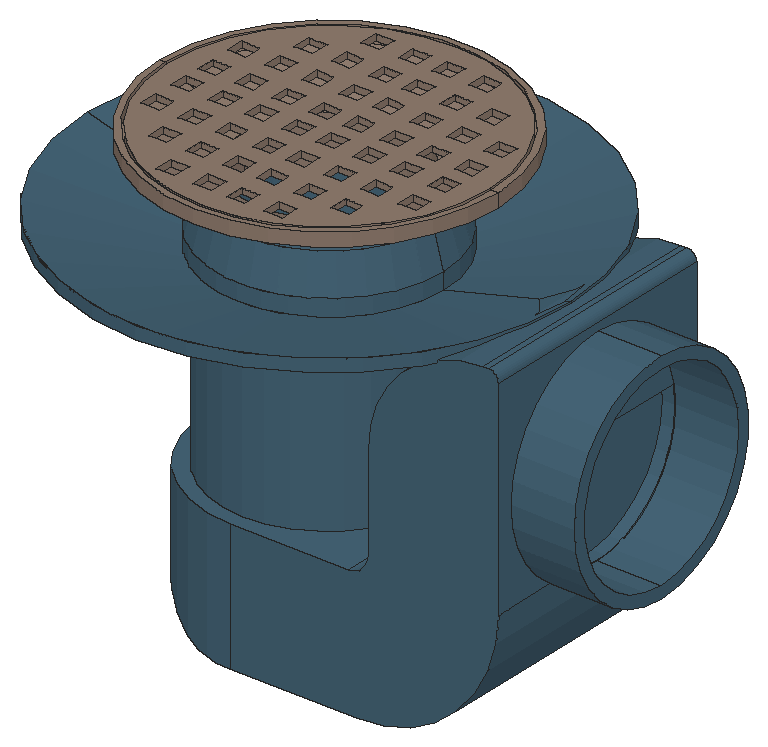
Revit family "Drain_Trap_Drum-Zurn-Z450B", category Plumbing Fixtures, Revit 2022
Family settings
  Round Connector Dimension = Use Radius
  Part Type = Normal
  OmniClass Number = 23.45.55.21
  OmniClass Title = Drains (Wastes)
  Work Plane-Based = No
  Always vertical = Yes
  Cut with Voids When Loaded = No
  Maintain Annotation Orientation = No
  Shared = No
  Room Calculation Point = No
Parameters (values of type "Load Family Type Catalog")
  Waste Connection = 1 = 1  # yes
  WFU = 1  # constant formula
  Vent Connection = 1 = 0  # no
  URL = "www.zurn.com"
  Type Comments = "ZB450B with 7 Inch Strainer and 4 Inch Threaded Outlet"
  Strainer Diameter (B) = 7.000"
  Product data url = "https://www.bimobject.com/en-us/zurnindustries/product/zurn-450b"
  Product Page URL = "https://www.zurn.com/products/drainage-interceptors/floor-drains/finish-floor-drains/z450"
  Product Documentation Link = "https://files.zurn.com/spec-sheets/z450b.pdf"
  Pipe Size_A Outer Diameter = 4.500"
  Pipe Size_A Nominal Diameter = 4.000"
  Pipe Size_A Inside Diameter = 4.028"
  Modified Date = "12/26/2025"  # constant formula
  Model = "ZB450B"
  Min. Strainer Position [instance] = if([Strainer Diameter (B)] = 5.000", 0.875", if([Strainer Diameter (B)] = 6.000", 1.125", if([Strainer Diameter (B)] = 7.000", 1.500", if([Strainer Diameter (B)] = 8.000", 1.500", if([Strainer Diameter (B)] = 10.000", 2.000", 0.875")))))  # 1.500"
  Max. Strainer Position [instance] = if([Strainer Diameter (B)] = 5.000", 2.000", if([Strainer Diameter (B)] = 6.000", 2.250", if([Strainer Diameter (B)] = 7.000", 2.625", if([Strainer Diameter (B)] = 8.000", 2.625", if([Strainer Diameter (B)] = 10.000", 3.000", 2.000")))))  # 2.625"
  Manufacurer Brand = "Zurn"  # constant formula
  Manufacturer = "Zurn Water, LLC"  # constant formula
  Main Material = Iron - Zurn - Cast - Painted - Blue
  HWFU = 0  # constant formula
  HW Connection = 1 = 0  # no
  Strainer Position (K) [instance] = if([Strainer Position (K) - Input] < Min. Strainer Position, Min. Strainer Position, if([Strainer Position (K) - Input] > Max. Strainer Position, Max. Strainer Position, [Strainer Position (K) - Input]))  # 1.500"
  Strainer Position (K) - Input [instance] = 0.000"
  Grate Radius = ([Strainer Diameter (B)] - 0.350") / 2  # 3.325"
  Grate Open Area = if([Strainer Diameter (B)] = 5.000", 8.000 in², if([Strainer Diameter (B)] = 6.000", 9.000 in², if([Strainer Diameter (B)] = 7.000", 12.000 in², if([Strainer Diameter (B)] = 8.000", 18.000 in², if([Strainer Diameter (B)] = 10.000", 26.000 in², 8.000 in²)))))  # 12.000 in²
  Grate Material = Bronze - Zurn - Polished
  Dim M = 2.594"
  Dim H = 6.875"
  Description = "DRUM TRAP DRAIN WITH TYPE B STRAINER "  # constant formula
  Default Elevation = 20.000"  # constant formula
  Date Created = "09/28/2015"  # constant formula
  Connector Radius = Pipe Size_A Nominal Diameter / 2  # 2.000"
  CWFU = 0  # constant formula
  CW Connection = 1 = 0  # no
  Body Outer Radius = 5.000"
  Body Height_E = 7.438"
  Assembly Code = "D2030300"
  Approx. Wt. Lbs. = if([Strainer Diameter (B)] = 5.000", 18.00 lbf, if([Strainer Diameter (B)] = 6.000", 19.00 lbf, if([Strainer Diameter (B)] = 7.000", 33.00 lbf, if([Strainer Diameter (B)] = 8.000", 16.00 lbf, if([Strainer Diameter (B)] = 10.000", 33.00 lbf, 18.00 lbf)))))  # 33.00 lbf
Reference planes (in)
  plane 1 "Center (Front/Back)": y = 0
  plane 2: z = 0
  plane 3 "Center (Left/Right)": x = 0
  plane 4 "K": z = -1.5
  plane 5: x = -5
  plane 6: z = -6.25
  plane 7: z = -1.094
  plane 8: z = -8.938
  plane 9: y = 2.563
  plane 10: y = -2.563
  plane 11 "H": x = 6.875
  plane 12 "M": z = -4.094
  plane 13: y = -2.313
  plane 14: y = 2.313
  plane 15: x = 3.5
  plane 16: x = -3.5
  plane 17: y = 3.5
  plane 18: y = -3.5
  plane 19 "Outlet": x = 5.55
  plane 20: z = -2.094
  plane 21: z = -6.094
  plane 22: y = -2
  plane 23: y = 2
  plane 24: z = -0.125
  plane 25 "ML-1": z = -7.594
  plane 26 "ML-2": x = 4.206
Forms (in)
  Extrusion 1, solid, material "Iron - Zurn - Cast - Painted - Blue" <- "Main Material", detail levels fine
    sketch origin (0, 0, 0) x (1, 0, 0) y (0, 0, 1)
      loop
        line (-5, -6.25) -> (-5, -8.938) -> (2.612, -8.938)
        arc (2.612, -8.938) -> (4.68948, -8.07748) -> (5.55, -6) r 2.938
        line (5.55, -6) -> (5.55, -1.7)
        arc (5.55, -1.7) -> (5.49142, -1.55858) -> (5.35, -1.5) r 0.2
        line (5.35, -1.5) -> (5.237, -1.5)
        arc (5.237, -1.5) -> (3.55762, -2.19562) -> (2.862, -3.875) r 2.375
        line (2.862, -3.875) -> (2.862, -5.812)
        arc (2.862, -5.812) -> (2.73371, -6.12171) -> (2.424, -6.25) r 0.438
        line (2.424, -6.25) -> (-5, -6.25)
    from -2.563 to 2.563
  Revolve 2, solid, material "Iron - Zurn - Cast - Painted - Blue" <- "Main Material", detail levels fine
    sketch origin (0, 0, 0) x (1, 0, 0) y (0, 0, 1)
      loop
        line (-5, -1.5) -> (-5, -1.75889) -> (-2.43506, -2.44879)
        arc (-2.43506, -2.44879) -> (-2.30159, -2.53811) -> (-2.25, -2.69021) r 0.25
        line (-2.25, -2.69021) -> (-2.25, -6.25) -> (-2, -6.25) -> (-2, -1.594) -> (-1.945, -1.594) -> (-1.945, -1.094) -> (-2.16913, -1.094) -> (-2.375, -1.86232) -> (-2.375, -2.20606) -> (-5, -1.5)
      axis (0, -1.094) -> (0, -6.25)
    angle from 0 to 360
  Extrusion 3, void
    sketch origin (0, 0, 0) x (1, 0, 0) y (0, 1, 0)
      loop
        line (0, 2.563) -> (0, 4) -> (-5.75, 4) -> (-5.75, -4) -> (0, -4) -> (0, -2.563)
        arc (0, -2.563) -> (-2.563, 0) -> (0, 2.563) r 2.563
    from -6.25 to -8.938
  Revolve 4, solid, material "Bronze - Zurn - Polished" <- "Grate Material", detail levels fine
    sketch origin (0, 0, 0) x (1, 0, 0) y (0, 0, 1)
      loop
        line (-3.5, 0) -> (-3.5, -0.28) -> (-3.1, -0.28) -> (-1.9, -0.81921) -> (-1.9, -1.75) -> (-1.775, -1.75) -> (-1.775, -0.73834) -> (-3.08433, -0.15) -> (-3.37472, -0.15) -> (-3.37472, 0) -> (-3.5, 0)
      axis (0, 0) -> (0, -1.75)
    angle from 0 to 360
  Extrusion 5, void
    sketch origin (0, 0, 0) x (1, 0, 0) y (0, 0, 1)
      loop
        arc (-0.313, -8.938) -> (-1.90399, -8.27899) -> (-2.563, -6.688) r 2.25
        line (-2.563, -6.688) -> (-2.563, -8.938) -> (-0.313, -8.938)
    from -2.563 to 2.563
  Extrusion 6, solid, material "Iron - Zurn - Cast - Painted - Blue" <- "Main Material", detail levels fine
    sketch origin (5.55, 0, 0) x (0, 0, 1) y (0, -1, 0)
      loop
        circle (-4.094, 0) r 2.014
      loop
        circle (-4.094, 0) r 2.25
    from 0 to 1.325
  Extrusion 7, void
    sketch origin (5.55, 0, 0) x (0, 0, 1) y (0, -1, 0)
      loop
        line (-3.68954, -1.97297) -> (-3.68954, 1.97297)
        arc (-3.68954, 1.97297) -> (-6.108, 0) -> (-3.68954, -1.97297) r 2.014
    from -0.27541 to 0
Cuts and joins
  Extrusion 3, Extrusion 5, Extrusion 7 cuts Extrusion 1
  Extrusion 7 cuts Extrusion 6
Lines and regions (in)
  Masking region 1, detail levels fine
    outline origin (0, 0, 0) x (1, 0, 0) y (0, 1, 0)
      loop
        line (5.55, 2.563) -> (4.29314, 2.563)
        arc (4.29314, 2.563) -> (-5, 0) -> (4.29314, -2.563) r 5
        line (4.29314, -2.563) -> (5.55, -2.563) -> (5.55, -2.25) -> (6.875, -2.25) -> (6.875, 2.25) -> (5.55, 2.25) -> (5.55, 2.563)
  model lines, detail levels coarse+medium
    curve 1: line (6.875, -2, -4.094) -> (6.875, 2, -4.094)
    curve 2: line (6.875, 0, -2.094) -> (6.875, 0, -6.094)
    curve 3: circle (0, 0, 0) r 3.5 normal (0, 0, 1)
    curve 4: circle (0, 0, 0) r 3.325 normal (0, 0, 1)
    curve 5: circle (0, 0, 0) r 3.375 normal (0, 0, 1)
    curve 6: line (0, 3.325, 0) -> (0, -3.325, 0)
    curve 7: line (0, 0, 0) -> (0, 0, -6.344)
    curve 8: line (1.25, 0, -7.594) -> (2.956, 0, -7.594)
    curve 9: line (4.206, 0, -6.344) -> (4.206, 0, -5.094)
    curve 10: arc (0, 0, -6.344) -> (0.36612, 0, -7.22788) -> (1.25, 0, -7.594) r 1.25
    curve 11: arc (4.206, 0, -6.344) -> (3.83988, 0, -7.22788) -> (2.956, 0, -7.594) r 1.25
    curve 12: line (5.206, 0, -4.094) -> (6.875, 0, -4.094)
    curve 13: arc (4.206, 0, -5.094) -> (4.49889, 0, -4.38689) -> (5.206, 0, -4.094) r 1
    curve 14: line (-3.325, 0, 0) -> (3.325, 0, 0)
    curve 15: line (-3.23931, 0.75, 0) -> (3.23931, 0.75, 0)
    curve 16: line (-2.96743, 1.5, 0) -> (2.96743, 1.5, 0)
    curve 17: line (-2.44809, 2.25, 0) -> (2.44809, 2.25, 0)
    curve 18: line (-1.43375, 3, 0) -> (1.43375, 3, 0)
    curve 19: line (-3.23931, -0.75, 0) -> (3.23931, -0.75, 0)
    curve 20: line (-2.96743, -1.5, 0) -> (2.96743, -1.5, 0)
    curve 21: line (-2.44809, -2.25, 0) -> (2.44809, -2.25, 0)
    curve 22: line (-1.43375, -3, 0) -> (1.43375, -3, 0)
    curve 23: line (3, 1.43375, 0) -> (3, -1.43375, 0)
    curve 24: line (0.75, 3.23931, 0) -> (0.75, -3.23931, 0)
    curve 25: line (1.5, 2.96743, 0) -> (1.5, -2.96743, 0)
    curve 26: line (2.25, 2.44809, 0) -> (2.25, -2.44809, 0)
    curve 27: line (-2.25, 2.44809, 0) -> (-2.25, -2.44809, 0)
    curve 28: line (-0.75, 3.23931, 0) -> (-0.75, -3.23931, 0)
    curve 29: line (-1.5, 2.96743, 0) -> (-1.5, -2.96743, 0)
    curve 30: line (-3, 1.43375, 0) -> (-3, -1.43375, 0)
Dimensions and locks (in)
  "Strainer Position (K)": level to plane 4 "K"
  locked: plane 7 to plane 4 "K" at 0.406
  "Body Outer Radius": plane 3 "Center (Left/Right)" to plane 5
  "Body Height_E": plane 4 "K" to plane 8
  locked: Extrusion 1 sketch curve to plane 8 at 2.688
  locked: Extrusion 1 sketch curve to plane 3 "Center (Left/Right)" at 5.55
  locked: Extrusion 1 sketch curve to Extrusion 1 sketch curve at 2.688
  locked: Extrusion 1 sketch curve to Extrusion 1 sketch curve at 0.438  (x2)
  locked: Extrusion 1 sketch curve to Extrusion 1 sketch curve at 2.938  (x2)
  equal spacing: plane 10, plane 1 "Center (Front/Back)", plane 9, locked at 2.563 each
  locked: plane 10 to plane 9 at 5.126
  "Dim H": plane 11 "H" to plane 3 "Center (Left/Right)"
  "Dim M": plane 4 "K" to plane 12 "M"
  locked: plane 3 "Center (Left/Right)" to Revolve 2 sketch curve at 2
  locked: Revolve 2 sketch curve to Revolve 2 sketch curve at 0.25  (x2)
  locked: plane 3 "Center (Left/Right)" to Revolve 2 sketch curve at 2.375
  locked: plane 3 "Center (Left/Right)" to Revolve 2 sketch curve at 1.945
  locked: Revolve 2 sketch curve to Revolve 2 sketch curve at 0.5
  locked: plane 4 "K" to Revolve 2 sketch curve at 0.36232
  equal spacing: Extrusion 3 sketch curve, plane 1 "Center (Front/Back)", Extrusion 3 sketch curve
  locked: Extrusion 3 sketch curve to plane 3 "Center (Left/Right)" at 5.75
  locked: plane 10 to plane 13 at 0.25
  locked: plane 14 to plane 9 at 0.25
  locked: plane 6 to plane 8 at 2.688
  equal spacing: plane 16, plane 3 "Center (Left/Right)", plane 15
  "Strainer Diameter (B)": plane 16 to plane 15
  equal spacing: plane 18, plane 1 "Center (Front/Back)", plane 17
  "Strainer Diameter (B)": plane 18 to plane 17
  locked: plane 2 to Revolve 4 sketch curve at 0.28
  locked: plane 3 "Center (Left/Right)" to Revolve 4 sketch curve at 1.9
  locked: Revolve 4 sketch curve to Revolve 4 sketch curve at 0.4
  locked: Revolve 4 sketch curve to plane 16 at 0.12528
  locked: plane 2 to Revolve 4 sketch curve at 0.15
  locked: Revolve 4 sketch curve to Revolve 4 sketch curve at 0.125  (x2)
  locked: plane 4 "K" to Revolve 4 sketch curve at 0.25
  locked: plane 3 "Center (Left/Right)" to Extrusion 5 sketch curve at 2.563
  locked: plane 3 "Center (Left/Right)" to Extrusion 5 sketch curve at 0.313
  locked: Extrusion 5 sketch curve to plane 8 at 2.25
  locked: plane 4 "K" to Extrusion 1 sketch curve at 2.375
  locked: plane 19 "Outlet" to plane 3 "Center (Left/Right)" at 5.55
  equal spacing: plane 20, plane 12 "M", plane 21
  "Pipe Size_A Nominal Diameter": plane 20 to plane 21
  equal spacing: plane 22, plane 1 "Center (Front/Back)", plane 23
  "Pipe Size_A Nominal Diameter": plane 22 to plane 23
  plane 6 to Extrusion 7 sketch curve = 2.56046"
  locked: Extrusion 3 sketch curve to Extrusion 3 sketch curve at 8
  locked: plane 16 to curve 5 at 0.125
  locked: plane 25 "ML-1" to plane 8 at 1.344
  plane 19 "Outlet" to plane 26 "ML-2" = 1.344"
  locked: plane 16 to curve 30 at 0.5
  equal spacing: curve 22, curve 21, curve 20, curve 19, plane 1 "Center (Front/Back)", curve 15, curve 16, curve 17, curve 18
  locked: curve 18 to plane 17 at 0.5
  equal spacing: curve 30, curve 27, curve 29, curve 28, plane 3 "Center (Left/Right)", curve 24, curve 25, curve 26, curve 23
  equal spacing: Masking region 1 sketch curve, plane 1 "Center (Front/Back)", Masking region 1 sketch curve
  "Pipe Size_A Outer Diameter": Masking region 1 sketch curve to Masking region 1 sketch curve
  locked: Revolve 2 sketch curve to Revolve 2 sketch curve at 0.22413
  locked: plane 3 "Center (Left/Right)" to Revolve 2 sketch curve at 2.25
  locked: curve 10 to plane 3 "Center (Left/Right)" at 1.25
  locked: curve 10 to plane 25 "ML-1" at 1.25
  locked: plane 26 "ML-2" to curve 11 at 1.25
  locked: curve 11 to plane 25 "ML-1" at 1.25
  locked: curve 13 to plane 26 "ML-2" at 1
  locked: plane 12 "M" to curve 13 at 1
  radius of Extrusion 3 sketch curve = 2.563"
  radius of Extrusion 5 sketch curve = 2.250"
  radius of Extrusion 1 sketch curve = 2.375"
  "Pipe Size_A Outer Diameter": diameter of Extrusion 6 sketch curve
  "Pipe Size_A Inside Diameter": diameter of Extrusion 6 sketch curve
  "Pipe Size_A Inside Diameter": diameter of Extrusion 7 sketch curve
  "Strainer Diameter (B)": diameter of curve 3
  "Grate Radius": radius of curve 4
  radius of Revolve 2 sketch curve = 0.250"
  "Body Outer Radius": radius of Masking region 1 sketch curve
  radius of curve 10 = 1.250"
  radius of curve 11 = 1.250"
  aligned and locked: plane 2 to level
  aligned and locked: plane 8 to Extrusion 1 sketch curve
  aligned and locked: Extrusion 1 to plane 9
  aligned and locked: plane 10 to Extrusion 1
  aligned and locked: Revolve 2 sketch curve to plane 5
  aligned and locked: plane 4 "K" to Revolve 2 sketch curve
  aligned and locked: Revolve 2 sketch curve to plane 3 "Center (Left/Right)"
  aligned and locked: Extrusion 3 to Extrusion 1
  aligned and locked: Extrusion 3 to plane 8
  aligned and locked: Revolve 2 to plane 6
  aligned and locked: plane 3 "Center (Left/Right)" to Extrusion 3 sketch curve  (x3)
  aligned and locked: plane 5 to Extrusion 1 sketch curve
  aligned and locked: plane 1 "Center (Front/Back)" to Extrusion 3 sketch curve
  aligned and locked: Revolve 4 sketch curve to plane 16
  aligned and locked: Revolve 4 sketch curve to plane 3 "Center (Left/Right)"
  aligned and locked: plane 4 "K" to Extrusion 1 sketch curve
  aligned and locked: Extrusion 5 sketch curve to plane 8
  aligned and locked: Extrusion 1 to Extrusion 5
  aligned and locked: Extrusion 5 to Extrusion 1
  aligned and locked: plane 1 "Center (Front/Back)" to Extrusion 6 sketch curve  (x2)
  aligned and locked: plane 12 "M" to Extrusion 6 sketch curve  (x2)
  aligned and locked: plane 11 "H" to Extrusion 6
  aligned and locked: plane 12 "M" to Extrusion 7 sketch curve
  aligned and locked: plane 1 "Center (Front/Back)" to Extrusion 7 sketch curve
  aligned and locked: Extrusion 7 to Extrusion 1
  aligned and locked: plane 3 "Center (Left/Right)" to nested 1
  aligned and locked: plane 1 "Center (Front/Back)" to nested 1
  aligned and locked: nested 1 to level
  aligned and locked: plane 22 to curve 1
  aligned and locked: plane 23 to curve 1
  aligned and locked: curve 1 to plane 12 "M"
  aligned and locked: plane 20 to curve 2
  aligned and locked: plane 21 to curve 2
  aligned and locked: plane 1 "Center (Front/Back)" to curve 2
  aligned and locked: plane 3 "Center (Left/Right)" to curve 3
  aligned and locked: plane 1 "Center (Front/Back)" to curve 3
  aligned and locked: plane 3 "Center (Left/Right)" to curve 4
  aligned and locked: plane 1 "Center (Front/Back)" to curve 4
  aligned and locked: plane 1 "Center (Front/Back)" to curve 5
  aligned and locked: plane 3 "Center (Left/Right)" to curve 5
  aligned and locked: curve 6 to plane 3 "Center (Left/Right)"
  aligned and locked: curve 7 to plane 3 "Center (Left/Right)"
  aligned and locked: plane 11 "H" to curve 12
  aligned and locked: curve 12 to plane 12 "M"
  aligned and locked: plane 1 "Center (Front/Back)" to curve 14
  aligned and locked: Masking region 1 sketch curve to cut or joined group of Extrusion 1, Extrusion 3, Extrusion 5, Extrusion 7  (x2)
  aligned and locked: plane 11 "H" to Masking region 1 sketch curve
  aligned and locked: plane 19 "Outlet" to Masking region 1 sketch curve
  aligned and locked: Revolve 2 sketch curve to plane 7
  aligned and locked: plane 3 "Center (Left/Right)" to Masking region 1 sketch curve
  aligned and locked: plane 1 "Center (Front/Back)" to Masking region 1 sketch curve
Automatic sketch dimensions
  Revolve 4 sketch curve to level = 0.000"
  Revolve 4 sketch curve to plane 8 = 15.687"
  level to Revolve 4 sketch curve = 24.39986"
  Revolve 4 sketch curve to Revolve 4 sketch curve = 0.01567"
  Extrusion 1 sketch curve to Extrusion 1 sketch curve = 0.113"
  curve 7 to level = 0.000"
  plane 10 to Masking region 1 sketch curve = 0.000"
  plane 9 to Masking region 1 sketch curve = 0.000"
  Revolve 2 sketch curve to plane 6 = 0.000"
  Revolve 2 sketch curve to plane 8 = 15.469"
  level to Revolve 2 sketch curve = 102.71882"
  Revolve 2 sketch curve to plane 20 = 0.35479"
Nested families (in)
  nested 1: "Grate-Z450B" at (0, 0, 0), Strainer Diameter (B) <- "Strainer Diameter (B)", Grate Material <- "Grate Material", type "Z450B- Grate", detail levels fine
    with Strainer Diameter (B) 7.000", Slot od 0.475", Grate Radius 3.325", Grate Material Bronze - Zurn - Polished
Connectors (in)
  piping at (6.875, 0, -4.094), diameter 4, driven by "Connector Radius", driven by "Waste Connection", driven by "Waste Connection"
    settings: on cut or joined group of Extrusion 6, Extrusion 7, index 1, connector inside diameter 24", connector length 0.000", flow factor 0, pipe flow 0 GPM, pressure drop 0.00 psi, fitting loss kfactor 0, connector angle 0.00°, fixture units 0, engagement length 0.000", angle of deflection 0.00°, flow configuration 0, flow direction 2, fitting loss method 0, system type 16, joint type 0, gender type 0, connector reference index -1, connector utility 1, adjustable connector yes, is connector primary yes, connector description "Sanitary Outlet"
Definition of nested family "Grate-Z450B"
  Parameters (values of type "Z450B- Grate")
    Waste Connection = 1 = 1  # yes
    WFU = 1  # constant formula
    Vent Connection = 1 = 0  # no
    URL = "www.zurn.com"
    Type Comments = ""
    Strainer Diameter (B) [instance] = 10.000"
    Slot od [instance] = if([Strainer Diameter (B)] = 5.000", 0.375", if([Strainer Diameter (B)] = 6.000", 0.475", if([Strainer Diameter (B)] = 7.000", 0.475", if([Strainer Diameter (B)] = 8.000", 0.650", if([Strainer Diameter (B)] = 10.000", 0.650", 0.650")))))  # 0.650"
    Product data url = ""
    Product Page URL = ""
    Product Installation Sheet URL = ""
    Product Documentation Link = ""
    Modified Date = ""
    Model = ""
    Manufacurer Brand = "Zurn"  # constant formula
    Manufacturer = "Zurn Water, LLC"  # constant formula
    HWFU = 0  # constant formula
    HW Connection = 1 = 0  # no
    Grate Radius [instance] = ([Strainer Diameter (B)] - 0.350") / 2  # 4.825"
    Grate Material [instance] = none
    Description = ""
    Default Elevation = 20.000"  # constant formula
    Date Created = ""
    CWFU = 0  # constant formula
    CW Connection = 1 = 0  # no
    Assembly Code = ""
  Reference planes (in)
    plane 1 "Center (Front/Back)": y = 0
    plane 2: z = 0
    plane 3 "Center (Left/Right)": x = 0
    plane 4: z = -0.125
  Forms (in)
    Extrusion 1, solid, material <- "Grate Material"
      sketch origin (0, 0, 0) x (1, 0, 0) y (0, 1, 0)
        loop
          circle (0, 0) r 4.825
        loop
          line (-0.1555, 4.175) -> (-0.72971, 4.175) -> (-0.72971, 3.60071) -> (-0.1555, 3.60071) -> (-0.1555, 4.175)
        loop
          line (-0.1555, 3.02643) -> (-0.72971, 3.02643) -> (-0.72971, 2.45214) -> (-0.1555, 2.45214) -> (-0.1555, 3.02643)
        loop
          line (-0.1555, 1.87786) -> (-0.72971, 1.87786) -> (-0.72971, 1.30357) -> (-0.1555, 1.30357) -> (-0.1555, 1.87786)
        loop
          line (-0.1555, 0.72929) -> (-0.72971, 0.72929) -> (-0.72971, 0.155) -> (-0.1555, 0.155) -> (-0.1555, 0.72929)
        loop
          line (-1.30393, 3.02643) -> (-1.87814, 3.02643) -> (-1.87814, 2.45214) -> (-1.30393, 2.45214) -> (-1.30393, 3.02643)
        loop
          line (-1.30393, 1.87786) -> (-1.87814, 1.87786) -> (-1.87814, 1.30357) -> (-1.30393, 1.30357) -> (-1.30393, 1.87786)
        loop
          line (-1.30393, 0.72929) -> (-1.87814, 0.72929) -> (-1.87814, 0.155) -> (-1.30393, 0.155) -> (-1.30393, 0.72929)
        loop
          line (-2.45236, 3.02643) -> (-3.02657, 3.02643) -> (-3.02657, 2.45214) -> (-2.45236, 2.45214) -> (-2.45236, 3.02643)
        loop
          line (-2.45236, 1.87786) -> (-3.02657, 1.87786) -> (-3.02657, 1.30357) -> (-2.45236, 1.30357) -> (-2.45236, 1.87786)
        loop
          line (-2.45236, 0.72929) -> (-3.02657, 0.72929) -> (-3.02657, 0.155) -> (-2.45236, 0.155) -> (-2.45236, 0.72929)
        loop
          line (-3.60079, 1.87786) -> (-4.175, 1.87786) -> (-4.175, 1.30357) -> (-3.60079, 1.30357) -> (-3.60079, 1.87786)
        loop
          line (-3.60079, 0.72929) -> (-4.175, 0.72929) -> (-4.175, 0.155) -> (-3.60079, 0.155) -> (-3.60079, 0.72929)
        loop
          line (-1.30393, 4.175) -> (-1.87814, 4.175) -> (-1.87814, 3.60071) -> (-1.30393, 3.60071) -> (-1.30393, 4.175)
        loop
          line (0.1555, 4.175) -> (0.1555, 3.60071) -> (0.72971, 3.60071) -> (0.72971, 4.175) -> (0.1555, 4.175)
        loop
          line (0.1555, 3.02643) -> (0.1555, 2.45214) -> (0.72971, 2.45214) -> (0.72971, 3.02643) -> (0.1555, 3.02643)
        loop
          line (0.1555, 1.87786) -> (0.1555, 1.30357) -> (0.72971, 1.30357) -> (0.72971, 1.87786) -> (0.1555, 1.87786)
        loop
          line (0.1555, 0.72929) -> (0.1555, 0.155) -> (0.72971, 0.155) -> (0.72971, 0.72929) -> (0.1555, 0.72929)
        loop
          line (1.30393, 3.02643) -> (1.30393, 2.45214) -> (1.87814, 2.45214) -> (1.87814, 3.02643) -> (1.30393, 3.02643)
        loop
          line (1.30393, 1.87786) -> (1.30393, 1.30357) -> (1.87814, 1.30357) -> (1.87814, 1.87786) -> (1.30393, 1.87786)
        loop
          line (1.30393, 0.72929) -> (1.30393, 0.155) -> (1.87814, 0.155) -> (1.87814, 0.72929) -> (1.30393, 0.72929)
        loop
          line (2.45236, 3.02643) -> (2.45236, 2.45214) -> (3.02657, 2.45214) -> (3.02657, 3.02643) -> (2.45236, 3.02643)
        loop
          line (2.45236, 1.87786) -> (2.45236, 1.30357) -> (3.02657, 1.30357) -> (3.02657, 1.87786) -> (2.45236, 1.87786)
        loop
          line (2.45236, 0.72929) -> (2.45236, 0.155) -> (3.02657, 0.155) -> (3.02657, 0.72929) -> (2.45236, 0.72929)
        loop
          line (3.60079, 1.87786) -> (3.60079, 1.30357) -> (4.175, 1.30357) -> (4.175, 1.87786) -> (3.60079, 1.87786)
        loop
          line (3.60079, 0.72929) -> (3.60079, 0.155) -> (4.175, 0.155) -> (4.175, 0.72929) -> (3.60079, 0.72929)
        loop
          line (1.30393, 4.175) -> (1.30393, 3.60071) -> (1.87814, 3.60071) -> (1.87814, 4.175) -> (1.30393, 4.175)
        loop
          line (-0.1555, -4.175) -> (-0.1555, -3.60071) -> (-0.72971, -3.60071) -> (-0.72971, -4.175) -> (-0.1555, -4.175)
        loop
          line (-0.1555, -3.02643) -> (-0.1555, -2.45214) -> (-0.72971, -2.45214) -> (-0.72971, -3.02643) -> (-0.1555, -3.02643)
        loop
          line (-0.1555, -1.87786) -> (-0.1555, -1.30357) -> (-0.72971, -1.30357) -> (-0.72971, -1.87786) -> (-0.1555, -1.87786)
        loop
          line (-0.1555, -0.72929) -> (-0.1555, -0.155) -> (-0.72971, -0.155) -> (-0.72971, -0.72929) -> (-0.1555, -0.72929)
        loop
          line (-1.30393, -3.02643) -> (-1.30393, -2.45214) -> (-1.87814, -2.45214) -> (-1.87814, -3.02643) -> (-1.30393, -3.02643)
        loop
          line (-1.30393, -1.87786) -> (-1.30393, -1.30357) -> (-1.87814, -1.30357) -> (-1.87814, -1.87786) -> (-1.30393, -1.87786)
        loop
          line (-1.30393, -0.72929) -> (-1.30393, -0.155) -> (-1.87814, -0.155) -> (-1.87814, -0.72929) -> (-1.30393, -0.72929)
        loop
          line (-2.45236, -3.02643) -> (-2.45236, -2.45214) -> (-3.02657, -2.45214) -> (-3.02657, -3.02643) -> (-2.45236, -3.02643)
        loop
          line (-2.45236, -1.87786) -> (-2.45236, -1.30357) -> (-3.02657, -1.30357) -> (-3.02657, -1.87786) -> (-2.45236, -1.87786)
        loop
          line (-2.45236, -0.72929) -> (-2.45236, -0.155) -> (-3.02657, -0.155) -> (-3.02657, -0.72929) -> (-2.45236, -0.72929)
        loop
          line (-3.60079, -1.87786) -> (-3.60079, -1.30357) -> (-4.175, -1.30357) -> (-4.175, -1.87786) -> (-3.60079, -1.87786)
        loop
          line (-3.60079, -0.72929) -> (-3.60079, -0.155) -> (-4.175, -0.155) -> (-4.175, -0.72929) -> (-3.60079, -0.72929)
        loop
          line (-1.30393, -4.175) -> (-1.30393, -3.60071) -> (-1.87814, -3.60071) -> (-1.87814, -4.175) -> (-1.30393, -4.175)
        loop
          line (0.1555, -4.175) -> (0.72971, -4.175) -> (0.72971, -3.60071) -> (0.1555, -3.60071) -> (0.1555, -4.175)
        loop
          line (0.1555, -3.02643) -> (0.72971, -3.02643) -> (0.72971, -2.45214) -> (0.1555, -2.45214) -> (0.1555, -3.02643)
        loop
          line (0.1555, -1.87786) -> (0.72971, -1.87786) -> (0.72971, -1.30357) -> (0.1555, -1.30357) -> (0.1555, -1.87786)
        loop
          line (0.1555, -0.72929) -> (0.72971, -0.72929) -> (0.72971, -0.155) -> (0.1555, -0.155) -> (0.1555, -0.72929)
        loop
          line (1.30393, -3.02643) -> (1.87814, -3.02643) -> (1.87814, -2.45214) -> (1.30393, -2.45214) -> (1.30393, -3.02643)
        loop
          line (1.30393, -1.87786) -> (1.87814, -1.87786) -> (1.87814, -1.30357) -> (1.30393, -1.30357) -> (1.30393, -1.87786)
        loop
          line (1.30393, -0.72929) -> (1.87814, -0.72929) -> (1.87814, -0.155) -> (1.30393, -0.155) -> (1.30393, -0.72929)
        loop
          line (2.45236, -3.02643) -> (3.02657, -3.02643) -> (3.02657, -2.45214) -> (2.45236, -2.45214) -> (2.45236, -3.02643)
        loop
          line (2.45236, -1.87786) -> (3.02657, -1.87786) -> (3.02657, -1.30357) -> (2.45236, -1.30357) -> (2.45236, -1.87786)
        loop
          line (2.45236, -0.72929) -> (3.02657, -0.72929) -> (3.02657, -0.155) -> (2.45236, -0.155) -> (2.45236, -0.72929)
        loop
          line (3.60079, -1.87786) -> (4.175, -1.87786) -> (4.175, -1.30357) -> (3.60079, -1.30357) -> (3.60079, -1.87786)
        loop
          line (3.60079, -0.72929) -> (4.175, -0.72929) -> (4.175, -0.155) -> (3.60079, -0.155) -> (3.60079, -0.72929)
        loop
          line (1.30393, -4.175) -> (1.87814, -4.175) -> (1.87814, -3.60071) -> (1.30393, -3.60071) -> (1.30393, -4.175)
      from 0 to -0.125
  Dimensions and locks (in)
    locked: level to plane 4 at 0.125
    locked: Extrusion 1 sketch curve to plane 3 "Center (Left/Right)" at 0.1555  (x2)
    locked: plane 1 "Center (Front/Back)" to Extrusion 1 sketch curve at 0.155
    equal spacing: Extrusion 1 sketch curve, Extrusion 1 sketch curve, Extrusion 1 sketch curve, Extrusion 1 sketch curve, Extrusion 1 sketch curve, Extrusion 1 sketch curve, Extrusion 1 sketch curve, Extrusion 1 sketch curve  (x8)
    "Slot od": Extrusion 1 sketch curve to Extrusion 1 sketch curve  (x7)
    locked: plane 3 "Center (Left/Right)" to Extrusion 1 sketch curve at 0.1555  (x2)
    locked: Extrusion 1 sketch curve to plane 1 "Center (Front/Back)" at 0.155  (x2)
    "Grate Radius": radius of Extrusion 1 sketch curve
    aligned and locked: plane 2 to level
    aligned and locked: plane 3 "Center (Left/Right)" to Extrusion 1 sketch curve
    aligned and locked: plane 1 "Center (Front/Back)" to Extrusion 1 sketch curve
    aligned and locked: Extrusion 1 sketch curve to Extrusion 1 sketch curve  (x144)
    aligned and locked: Extrusion 1 to level
    aligned and locked: Extrusion 1 to plane 4
  Automatic sketch dimensions
    Extrusion 1 sketch curve to Extrusion 1 sketch curve = 0.000"
    Extrusion 1 sketch curve to plane 1 "Center (Front/Back)" = 0.155"
Types in the file's own list only (52): name | Type Comments | Strainer Diameter (B) | Pipe Size_A Outer Diameter | Pipe Size_A Nominal Diameter | Pipe Size_A Inside Diameter | Model | Grate Radius | Grate Open Area | Grate Material | Dim M | Dim H | Description | Default Elevation | Connector Radius | Body Outer Radius | Body Height_E | Approx. Wt. Lbs.
  ZN450B-2IP-5 | "ZN450B with 5 Inch Strainer and 2 Inch Threaded Side Outlet" | 5.000 " | 2.375 " | 2.000 " | 2.067 " | "ZN450B" | 2.325 " | 8.000 in² | Bronze - Zurn - Polished Nickel | 1.469 " | 6.063 " | "DRUM TRAP DRAIN WITH TYPE B STRAINER" | 20.000 " | 1.000 " | 4.500 " | 6.531 " | 18.00 lbf
  ZN450B-3IP-5 | "ZN450B with 5 Inch Strainer and 3 Inch Threaded Side Outlet" | 5.000 " | 3.500 " | 3.000 " | 3.068 " | "ZN450B" | 2.325 " | 8.000 in² | Bronze - Zurn - Polished Nickel | 2.094 " | 6.438 " | "DRUM TRAP DRAIN WITH TYPE B STRAINER" | 20.000 " | 1.500 " | 4.500 " | 6.531 " | 18.00 lbf
  ZN450B-4IP-5 | "ZN450B with 5 Inch Strainer and 4 Inch Threaded Side Outlet" | 5.000 " | 4.500 " | 4.000 " | 4.028 " | "ZN450B" | 2.325 " | 8.000 in² | Bronze - Zurn - Polished Nickel | 2.594 " | 6.875 " | "DRUM TRAP DRAIN WITH TYPE B STRAINER" | 20.000 " | 2.000 " | 5.000 " | 7.438 " | 18.00 lbf
  ZN450B-2NH-5 | "ZN450B with 5 Inch Strainer and 2 Inch No-Hub Side Outlet" | 5.000 " | 2.375 " | 2.000 " | 2.067 " | "ZN450B" | 2.325 " | 8.000 in² | Bronze - Zurn - Polished Nickel | 2.000 " | 11.000 " | "DRUM TRAP DRAIN WITH TYPE B STRAINER" | 20.000 " | 1.000 " | 5.000 " | 7.438 " | 18.00 lbf
  ZN450B-3NH-5 | "ZN450B with 5 Inch Strainer and 3 Inch No-Hub Side Outlet" | 5.000 " | 3.500 " | 3.000 " | 3.068 " | "ZN450B" | 2.325 " | 8.000 in² | Bronze - Zurn - Polished Nickel | 2.563 " | 11.000 " | "DRUM TRAP DRAIN WITH TYPE B STRAINER" | 20.000 " | 1.500 " | 5.000 " | 7.438 " | 18.00 lbf
  ZN450B-4NH-5 | "ZN450B with 5 Inch Strainer and 4 Inch No-Hub Side Outlet" | 5.000 " | 4.500 " | 4.000 " | 4.028 " | "ZN450B" | 2.325 " | 8.000 in² | Bronze - Zurn - Polished Nickel | 2.594 " | 11.000 " | "DRUM TRAP DRAIN WITH TYPE B STRAINER" | 20.000 " | 2.000 " | 5.000 " | 7.438 " | 18.00 lbf
  ZN450B-2IP-6 | "ZN450B with 6 Inch Strainer and 2 Inch Threaded Side Outlet" | 6.000 " | 2.375 " | 2.000 " | 2.067 " | "ZN450B" | 2.825 " | 9.000 in² | Bronze - Zurn - Polished Nickel | 1.469 " | 6.063 " | "DRUM TRAP DRAIN WITH TYPE B STRAINER" | 20.000 " | 1.000 " | 4.500 " | 6.531 " | 19.00 lbf
  ZN450B-3IP-6 | "ZN450B with 6 Inch Strainer and 3 Inch Threaded Side Outlet" | 6.000 " | 3.500 " | 3.000 " | 3.068 " | "ZN450B" | 2.825 " | 9.000 in² | Bronze - Zurn - Polished Nickel | 2.094 " | 6.438 " | "DRUM TRAP DRAIN WITH TYPE B STRAINER" | 20.000 " | 1.500 " | 4.500 " | 6.531 " | 19.00 lbf
  ZN450B-4IP-6 | "ZN450B with 6 Inch Strainer and 4 Inch Threaded Side Outlet" | 6.000 " | 4.500 " | 4.000 " | 4.028 " | "ZN450B" | 2.825 " | 9.000 in² | Bronze - Zurn - Polished Nickel | 2.594 " | 6.875 " | "DRUM TRAP DRAIN WITH TYPE B STRAINER" | 20.000 " | 2.000 " | 5.000 " | 7.438 " | 19.00 lbf
  ZN450B-2NH-6 | "ZN450B with 6 Inch Strainer and 2 Inch No-Hub Side Outlet" | 6.000 " | 2.375 " | 2.000 " | 2.067 " | "ZN450B" | 2.825 " | 9.000 in² | Bronze - Zurn - Polished Nickel | 2.000 " | 11.000 " | "DRUM TRAP DRAIN WITH TYPE B STRAINER" | 20.000 " | 1.000 " | 5.000 " | 7.438 " | 19.00 lbf
  ZN450B-3NH-6 | "ZN450B with 6 Inch Strainer and 3 Inch No-Hub Side Outlet" | 6.000 " | 3.500 " | 3.000 " | 3.068 " | "ZN450B" | 2.825 " | 9.000 in² | Bronze - Zurn - Polished Nickel | 2.563 " | 11.000 " | "DRUM TRAP DRAIN WITH TYPE B STRAINER" | 20.000 " | 1.500 " | 5.000 " | 7.438 " | 19.00 lbf
  ZN450B-4NH-6 | "ZN450B with 6 Inch Strainer and 4 Inch No-Hub Side Outlet" | 6.000 " | 4.500 " | 4.000 " | 4.028 " | "ZN450B" | 2.825 " | 9.000 in² | Bronze - Zurn - Polished Nickel | 2.594 " | 11.000 " | "DRUM TRAP DRAIN WITH TYPE B STRAINER" | 20.000 " | 2.000 " | 5.000 " | 7.438 " | 19.00 lbf
  ZN450B-2IP-7 | "ZN450B with 7 Inch Strainer and 2 Inch Threaded Side Outlet" | 7.000 " | 2.375 " | 2.000 " | 2.067 " | "ZN450B" | 3.325 " | 12.000 in² | Bronze - Zurn - Polished Nickel | 1.469 " | 6.063 " | "DRUM TRAP DRAIN WITH TYPE B STRAINER" | 20.000 " | 1.000 " | 4.500 " | 6.531 " | 33.00 lbf
  ZN450B-3IP-7 | "ZN450B with 7 Inch Strainer and 3 Inch Threaded Side Outlet" | 7.000 " | 3.500 " | 3.000 " | 3.068 " | "ZN450B" | 3.325 " | 12.000 in² | Bronze - Zurn - Polished Nickel | 2.094 " | 6.438 " | "DRUM TRAP DRAIN WITH TYPE B STRAINER" | 20.000 " | 1.500 " | 4.500 " | 6.531 " | 33.00 lbf
  ZN450B-4IP-7 | "ZN450B with 7 Inch Strainer and 4 Inch Threaded Side Outlet" | 7.000 " | 4.500 " | 4.000 " | 4.028 " | "ZN450B" | 3.325 " | 12.000 in² | Bronze - Zurn - Polished Nickel | 2.594 " | 6.875 " | "DRUM TRAP DRAIN WITH TYPE B STRAINER" | 20.000 " | 2.000 " | 5.000 " | 7.438 " | 33.00 lbf
  ZN450B-2NH-7 | "ZN450B with 7 Inch Strainer and 2 Inch No-Hub Side Outlet" | 7.000 " | 2.375 " | 2.000 " | 2.067 " | "ZN450B" | 3.325 " | 12.000 in² | Bronze - Zurn - Polished Nickel | 2.000 " | 11.000 " | "DRUM TRAP DRAIN WITH TYPE B STRAINER" | 20.000 " | 1.000 " | 5.000 " | 7.438 " | 33.00 lbf
  ZN450B-3NH-7 | "ZN450B with 7 Inch Strainer and 3 Inch No-Hub Side Outlet" | 7.000 " | 3.500 " | 3.000 " | 3.068 " | "ZN450B" | 3.325 " | 12.000 in² | Bronze - Zurn - Polished Nickel | 2.563 " | 11.000 " | "DRUM TRAP DRAIN WITH TYPE B STRAINER" | 20.000 " | 1.500 " | 5.000 " | 7.438 " | 33.00 lbf
  ZN450B-4NH-7 | "ZN450B with 7 Inch Strainer and 4 Inch No-Hub Side Outlet" | 7.000 " | 4.500 " | 4.000 " | 4.028 " | "ZN450B" | 3.325 " | 12.000 in² | Bronze - Zurn - Polished Nickel | 2.594 " | 11.000 " | "DRUM TRAP DRAIN WITH TYPE B STRAINER" | 20.000 " | 2.000 " | 5.000 " | 7.438 " | 33.00 lbf
  ZN450B-2IP-8 | "ZN450B with 8 Inch Strainer and 2 Inch Threaded Side Outlet" | 8.000 " | 2.375 " | 2.000 " | 2.067 " | "ZN450B" | 3.825 " | 18.000 in² | Bronze - Zurn - Polished Nickel | 1.469 " | 6.063 " | "DRUM TRAP DRAIN WITH TYPE B STRAINER" | 20.000 " | 1.000 " | 4.500 " | 6.531 " | 16.00 lbf
  ZN450B-3IP-8 | "ZN450B with 8 Inch Strainer and 3 Inch Threaded Side Outlet" | 8.000 " | 3.500 " | 3.000 " | 3.068 " | "ZN450B" | 3.825 " | 18.000 in² | Bronze - Zurn - Polished Nickel | 2.094 " | 6.438 " | "DRUM TRAP DRAIN WITH TYPE B STRAINER" | 20.000 " | 1.500 " | 4.500 " | 6.531 " | 16.00 lbf
  ZN450B-4IP-8 | "ZN450B with 8 Inch Strainer and 4 Inch Threaded Side Outlet" | 8.000 " | 4.500 " | 4.000 " | 4.028 " | "ZN450B" | 3.825 " | 18.000 in² | Bronze - Zurn - Polished Nickel | 2.594 " | 6.875 " | "DRUM TRAP DRAIN WITH TYPE B STRAINER" | 20.000 " | 2.000 " | 5.000 " | 7.438 " | 16.00 lbf
  ZN450B-2NH-8 | "ZN450B with 8 Inch Strainer and 2 Inch No-Hub Side Outlet" | 8.000 " | 2.375 " | 2.000 " | 2.067 " | "ZN450B" | 3.825 " | 18.000 in² | Bronze - Zurn - Polished Nickel | 2.000 " | 11.000 " | "DRUM TRAP DRAIN WITH TYPE B STRAINER" | 20.000 " | 1.000 " | 5.000 " | 7.438 " | 16.00 lbf
  ZN450B-3NH-8 | "ZN450B with 8 Inch Strainer and 3 Inch No-Hub Side Outlet" | 8.000 " | 3.500 " | 3.000 " | 3.068 " | "ZN450B" | 3.825 " | 18.000 in² | Bronze - Zurn - Polished Nickel | 2.563 " | 11.000 " | "DRUM TRAP DRAIN WITH TYPE B STRAINER" | 20.000 " | 1.500 " | 5.000 " | 7.438 " | 16.00 lbf
  ZN450B-4NH-8 | "ZN450B with 8 Inch Strainer and 4 Inch No-Hub Side Outlet" | 8.000 " | 4.500 " | 4.000 " | 4.028 " | "ZN450B" | 3.825 " | 18.000 in² | Bronze - Zurn - Polished Nickel | 2.594 " | 11.000 " | "DRUM TRAP DRAIN WITH TYPE B STRAINER" | 20.000 " | 2.000 " | 5.000 " | 7.438 " | 16.00 lbf
  ZN450B-4IP-10 | "ZN450B with 10 Inch Strainer and 4 Inch Threaded Side Outlet" | 10.000 " | 4.500 " | 4.000 " | 4.028 " | "ZN450B" | 4.825 " | 26.000 in² | Bronze - Zurn - Polished Nickel | 2.594 " | 6.875 " | "DRUM TRAP DRAIN WITH TYPE B STRAINER" | 20.000 " | 2.000 " | 5.000 " | 7.438 " | 33.00 lbf
  ZN450B-4NH-10 | "ZN450B with 10 Inch Strainer and 4 Inch No-Hub Side Outlet" | 10.000 " | 4.500 " | 4.000 " | 4.028 " | "ZN450B" | 4.825 " | 26.000 in² | Bronze - Zurn - Polished Nickel | 2.594 " | 11.000 " | "DRUM TRAP DRAIN WITH TYPE B STRAINER" | 20.000 " | 2.000 " | 5.000 " | 7.438 " | 33.00 lbf
  ZB450B-2IP-5 | "ZB450B with 5 Inch Strainer and 2 Inch Threaded Side Outlet" | 5.000 " | 2.375 " | 2.000 " | 2.067 " | "ZB450B" | 2.325 " | 8.000 in² | Bronze - Zurn - Polished | 1.469 " | 6.063 " | "DRUM TRAP DRAIN WITH TYPE B STRAINER" | 20.000 " | 1.000 " | 4.500 " | 7.438 " | 18.00 lbf
  ZB450B-3IP-5 | "ZB450B with 5 Inch Strainer and 3 Inch Threaded Side Outlet" | 5.000 " | 3.500 " | 3.000 " | 3.068 " | "ZB450B" | 2.325 " | 8.000 in² | Bronze - Zurn - Polished | 2.094 " | 6.438 " | "DRUM TRAP DRAIN WITH TYPE B STRAINER" | 20.000 " | 1.500 " | 4.500 " | 6.531 " | 18.00 lbf
  ZB450B-4IP-5 | "ZB450B with 5 Inch Strainer and 4 Inch Threaded Side Outlet" | 5.000 " | 4.500 " | 4.000 " | 4.028 " | "ZB450B" | 2.325 " | 8.000 in² | Bronze - Zurn - Polished | 2.594 " | 6.875 " | "DRUM TRAP DRAIN WITH TYPE B STRAINER" | 20.000 " | 2.000 " | 5.000 " | 7.438 " | 18.00 lbf
  ZB450B-2NH-5 | "ZB450B with 5 Inch Strainer and 2 Inch No-Hub Side Outlet" | 5.000 " | 2.375 " | 2.000 " | 2.067 " | "ZB450B" | 2.325 " | 8.000 in² | Bronze - Zurn - Polished | 2.000 " | 11.000 " | "DRUM TRAP DRAIN WITH TYPE B STRAINER" | 20.000 " | 1.000 " | 5.000 " | 7.438 " | 18.00 lbf
  ZB450B-3NH-5 | "ZB450B with 5 Inch Strainer and 3 Inch No-Hub Side Outlet" | 5.000 " | 3.500 " | 3.000 " | 3.068 " | "ZB450B" | 2.325 " | 8.000 in² | Bronze - Zurn - Polished | 2.563 " | 11.000 " | "DRUM TRAP DRAIN WITH TYPE B STRAINER" | 20.000 " | 1.500 " | 5.000 " | 7.438 " | 18.00 lbf
  ZB450B-4NH-5 | "ZB450B with 5 Inch Strainer and 4 Inch No-Hub Side Outlet" | 5.000 " | 4.500 " | 4.000 " | 4.028 " | "ZB450B" | 2.325 " | 8.000 in² | Bronze - Zurn - Polished | 2.594 " | 11.000 " | "DRUM TRAP DRAIN WITH TYPE B STRAINER" | 20.000 " | 2.000 " | 5.000 " | 7.438 " | 18.00 lbf
  ZB450B-2IP-6 | "ZB450B with 6 Inch Strainer and 2 Inch Threaded Side Outlet" | 6.000 " | 2.375 " | 2.000 " | 2.067 " | "ZB450B" | 2.825 " | 9.000 in² | Bronze - Zurn - Polished | 1.469 " | 6.063 " | "DRUM TRAP DRAIN WITH TYPE B STRAINER" | 20.000 " | 1.000 " | 4.500 " | 6.531 " | 19.00 lbf
  ZB450B-3IP-6 | "ZB450B with 6 Inch Strainer and 3 Inch Threaded Side Outlet" | 6.000 " | 3.500 " | 3.000 " | 3.068 " | "ZB450B" | 2.825 " | 9.000 in² | Bronze - Zurn - Polished | 2.094 " | 6.438 " | "DRUM TRAP DRAIN WITH TYPE B STRAINER" | 20.000 " | 1.500 " | 4.500 " | 6.531 " | 19.00 lbf
  ZB450B-4IP-6 | "ZB450B with 6 Inch Strainer and 4 Inch Threaded Side Outlet" | 6.000 " | 4.500 " | 4.000 " | 4.028 " | "ZB450B" | 2.825 " | 9.000 in² | Bronze - Zurn - Polished | 2.594 " | 6.875 " | "DRUM TRAP DRAIN WITH TYPE B STRAINER" | 20.000 " | 2.000 " | 5.000 " | 7.438 " | 19.00 lbf
  ZB450B-2NH-6 | "ZB450B with 6 Inch Strainer and 2 Inch No-Hub Side Outlet" | 6.000 " | 2.375 " | 2.000 " | 2.067 " | "ZB450B" | 2.825 " | 9.000 in² | Bronze - Zurn - Polished | 2.000 " | 11.000 " | "DRUM TRAP DRAIN WITH TYPE B STRAINER" | 20.000 " | 1.000 " | 5.000 " | 7.438 " | 19.00 lbf
  ZB450B-3NH-6 | "ZB450B with 6 Inch Strainer and 3 Inch No-Hub Side Outlet" | 6.000 " | 3.500 " | 3.000 " | 3.068 " | "ZB450B" | 2.825 " | 9.000 in² | Bronze - Zurn - Polished | 2.563 " | 11.000 " | "DRUM TRAP DRAIN WITH TYPE B STRAINER" | 20.000 " | 1.500 " | 5.000 " | 7.438 " | 19.00 lbf
  ZB450B-4NH-6 | "ZB450B with 6 Inch Strainer and 4 Inch No-Hub Side Outlet" | 6.000 " | 4.500 " | 4.000 " | 4.028 " | "ZB450B" | 2.825 " | 9.000 in² | Bronze - Zurn - Polished | 2.594 " | 11.000 " | "DRUM TRAP DRAIN WITH TYPE B STRAINER" | 20.000 " | 2.000 " | 5.000 " | 7.438 " | 19.00 lbf
  ZB450B-2IP-7 | "ZB450B with 7 Inch Strainer and 2 Inch Threaded Side Outlet" | 7.000 " | 2.375 " | 2.000 " | 2.067 " | "ZB450B" | 3.325 " | 12.000 in² | Bronze - Zurn - Polished | 1.469 " | 6.063 " | "DRUM TRAP DRAIN WITH TYPE B STRAINER" | 20.000 " | 1.000 " | 4.500 " | 6.531 " | 33.00 lbf
  ZB450B-3IP-7 | "ZB450B with 7 Inch Strainer and 3 Inch Threaded Side Outlet" | 7.000 " | 3.500 " | 3.000 " | 3.068 " | "ZB450B" | 3.325 " | 12.000 in² | Bronze - Zurn - Polished | 2.094 " | 6.438 " | "DRUM TRAP DRAIN WITH TYPE B STRAINER" | 20.000 " | 1.500 " | 4.500 " | 6.531 " | 33.00 lbf
  ZB450B-4IP-7 | "ZB450B with 7 Inch Strainer and 4 Inch Threaded Side Outlet" | 7.000 " | 4.500 " | 4.000 " | 4.028 " | "ZB450B" | 3.325 " | 12.000 in² | Bronze - Zurn - Polished | 2.594 " | 6.875 " | "DRUM TRAP DRAIN WITH TYPE B STRAINER" | 20.000 " | 2.000 " | 5.000 " | 7.438 " | 33.00 lbf
  ZB450B-2NH-7 | "ZB450B with 7 Inch Strainer and 2 Inch No-Hub Side Outlet" | 7.000 " | 2.375 " | 2.000 " | 2.067 " | "ZB450B" | 3.325 " | 12.000 in² | Bronze - Zurn - Polished | 2.000 " | 11.000 " | "DRUM TRAP DRAIN WITH TYPE B STRAINER" | 20.000 " | 1.000 " | 5.000 " | 7.438 " | 33.00 lbf
  ZB450B-3NH-7 | "ZB450B with 7 Inch Strainer and 3 Inch No-Hub Side Outlet" | 7.000 " | 3.500 " | 3.000 " | 3.068 " | "ZB450B" | 3.325 " | 12.000 in² | Bronze - Zurn - Polished | 2.563 " | 11.000 " | "DRUM TRAP DRAIN WITH TYPE B STRAINER" | 20.000 " | 1.500 " | 5.000 " | 7.438 " | 33.00 lbf
  ZB450B-4NH-7 | "ZB450B with 7 Inch Strainer and 4 Inch No-Hub Side Outlet" | 7.000 " | 4.500 " | 4.000 " | 4.028 " | "ZB450B" | 3.325 " | 12.000 in² | Bronze - Zurn - Polished | 2.594 " | 11.000 " | "DRUM TRAP DRAIN WITH TYPE B STRAINER" | 20.000 " | 2.000 " | 5.000 " | 7.438 " | 33.00 lbf
  ZB450B-2IP-8 | "ZB450B with 8 Inch Strainer and 2 Inch Threaded Side Outlet" | 8.000 " | 2.375 " | 2.000 " | 2.067 " | "ZB450B" | 3.825 " | 18.000 in² | Bronze - Zurn - Polished | 1.469 " | 6.063 " | "DRUM TRAP DRAIN WITH TYPE B STRAINER" | 20.000 " | 1.000 " | 4.500 " | 6.531 " | 16.00 lbf
  ZB450B-3IP-8 | "ZB450B with 8 Inch Strainer and 3 Inch Threaded Side Outlet" | 8.000 " | 3.500 " | 3.000 " | 3.068 " | "ZB450B" | 3.825 " | 18.000 in² | Bronze - Zurn - Polished | 2.094 " | 6.438 " | "DRUM TRAP DRAIN WITH TYPE B STRAINER" | 20.000 " | 1.500 " | 4.500 " | 6.531 " | 16.00 lbf
  ZB450B-4IP-8 | "ZB450B with 8 Inch Strainer and 4 Inch Threaded Side Outlet" | 8.000 " | 4.500 " | 4.000 " | 4.028 " | "ZB450B" | 3.825 " | 18.000 in² | Bronze - Zurn - Polished | 2.594 " | 6.875 " | "DRUM TRAP DRAIN WITH TYPE B STRAINER" | 20.000 " | 2.000 " | 5.000 " | 7.438 " | 16.00 lbf
  ZB450B-2NH-8 | "ZB450B with 8 Inch Strainer and 2 Inch No-Hub Side Outlet" | 8.000 " | 2.375 " | 2.000 " | 2.067 " | "ZB450B" | 3.825 " | 18.000 in² | Bronze - Zurn - Polished | 2.000 " | 11.000 " | "DRUM TRAP DRAIN WITH TYPE B STRAINER" | 20.000 " | 1.000 " | 5.000 " | 7.438 " | 16.00 lbf
  ZB450B-3NH-8 | "ZB450B with 8 Inch Strainer and 3 Inch No-Hub Side Outlet" | 8.000 " | 3.500 " | 3.000 " | 3.068 " | "ZB450B" | 3.825 " | 18.000 in² | Bronze - Zurn - Polished | 2.563 " | 11.000 " | "DRUM TRAP DRAIN WITH TYPE B STRAINER" | 20.000 " | 1.500 " | 5.000 " | 7.438 " | 16.00 lbf
  ZB450B-4NH-8 | "ZB450B with 8 Inch Strainer and 4 Inch No-Hub Side Outlet" | 8.000 " | 4.500 " | 4.000 " | 4.028 " | "ZB450B" | 3.825 " | 18.000 in² | Bronze - Zurn - Polished | 2.594 " | 11.000 " | "DRUM TRAP DRAIN WITH TYPE B STRAINER" | 20.000 " | 2.000 " | 5.000 " | 7.438 " | 16.00 lbf
  ZB450B-4IP-10 | "ZB450B with 10 Inch Strainer and 4 Inch Threaded Side Outlet" | 10.000 " | 4.500 " | 4.000 " | 4.028 " | "ZB450B" | 4.825 " | 26.000 in² | Bronze - Zurn - Polished | 2.594 " | 6.875 " | "DRUM TRAP DRAIN WITH TYPE B STRAINER" | 20.000 " | 2.000 " | 5.000 " | 7.438 " | 33.00 lbf
  ZB450B-4NH-10 | "ZB450B with 10 Inch Strainer and 4 Inch No-Hub Side Outlet" | 10.000 " | 4.500 " | 4.000 " | 4.028 " | "ZB450B" | 4.825 " | 26.000 in² | Bronze - Zurn - Polished | 2.594 " | 11.000 " | "DRUM TRAP DRAIN WITH TYPE B STRAINER" | 20.000 " | 2.000 " | 5.000 " | 7.438 " | 33.00 lbf
